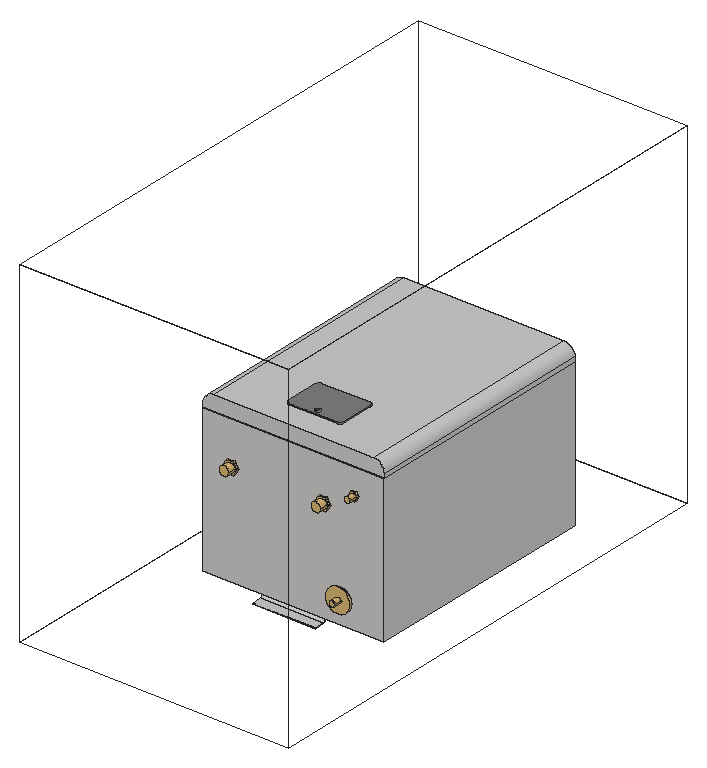
Revit family "Water_Boiler-Navien-NFB-C-Condensing-NFB-301C-02", category Mechanical Equipment, host Face, Revit 2017
Family settings
  Host = Face
  Round Connector Dimension = Use Diameter
  Part Type = Normal
  OmniClass Number = 23.65.35.11
  OmniClass Title = Supply Water Heaters
  Cut with Voids When Loaded = No
  Shared = No
  Room Calculation Point = No
Parameters (values of type "NFB-301C")
  Width = 25.1"  # constant formula
  Wi-Fi Ready = "NaviLink Wi‑Fi Control: This add-on accessory enables access to control temperatures remotely, access usage data and receive diagnostic notifications via smartphone or tablet."  # constant formula
  Weight = 243.00 lbf  # constant formula
  Water Pressure = "12-160 psi"  # constant formula
  Warranty Note = "This 10/15 year limited pro-rated warranty on heat exchangers, 3/5 year limited warranty on parts, and 1 year limited-labor warranty (“Warranty”) covers defects in materials or workmanship when the Navien NFB-C Boiler (“Product”) is installed by a properly licensed plumber or contractor, and installed in strict compliance with the Installation & Operations manual procedures, subject to the terms within this Warranty document. Improper installation or use will void this Warranty. This Warranty runs from date of installation and extends to the original purchaser and subsequent owners, but only while the Product remains at the site of the original installation. This Warranty includes both a limited and pro-rated warranty as set"  # constant formula
  Warranty = "https://www.navieninc.com/warranties"
  Voltage = 120 V
  Version = "2017 - v1.0.a"  # constant formula
  Venting Type = "Forced draft direct vent and non-direct vent (single pipe)"  # constant formula
  Venting = "Exhaust: 3\" or 4\" PVC, CPVC, PP and SS | 3\" or 4\" special gas vent type BH (Class III, A/B/C), Intake: 3\" or 4\" PVC, CPVC, PP and SS | 3\" or 4\" special gas vent type BH (Class III, A/B/C), Vent Clearance: 0\" to combustibles"  # constant formula
  URL = "https://www.navieninc.com"
  Propane Gas Supply Pressure = "8.0\" to 13.5\" WC"  # constant formula
  Propane Gas Manifold Pressure = "-0.01\" to -0.92\" WC"  # constant formula
  Product Page URL = "https://www.navieninc.com/products/nfb-301c"
  Product Name = "NFB-C Series Condensing Heating Boilers"  # constant formula
  Product Documentation Link = "https://www.navieninc.com/downloads/nfb-c-submittal-sheet-en"
  Power Factor = 1
  Phase = 1
  Optional Heating Supply = 1.25"  # constant formula
  Optional Heating Return = 1.25"  # constant formula
  Number of Poles = 1
  Natural Gas Supply Pressure = "3.5\" to 10.5\" WC"  # constant formula
  Natural Gas Manifold Pressure = "-0.06\" to -0.87\" WC"  # constant formula
  Model = "NFB-301C"  # constant formula
  Material = ""
  Manufacturer Phone Number = "(949) 420-0420"  # constant formula
  Manufacturer Fax Number = "(949) 420-0430"  # constant formula
  Manufacturer Address = "20 Goodyear, Irvine, CA 92618"  # constant formula
  Manufacturer = "Navien, Inc."  # constant formula
  Keynote = "22 33 00.A1"
  Intake = 3"  # constant formula
  Installation Type = "Indoor Wall-Hung"  # constant formula
  Ignition = "Electronic ignition"  # constant formula
  Height = 32.8"  # constant formula
  Heating Supply = 1.25"  # constant formula
  Heating Return = 1.25"  # constant formula
  Heating Capacity Note = "20000 to 301000 BTUh"  # constant formula
  Heating Capacity = 293000.0 Btu/h
  Gas Connection Size = 3/4"  # constant formula
  Frequency = 60 Hz
  Finish = Metal - Navien - Stainless Steel
  Exhaust = 3"  # constant formula
  Description = "High Efficiency Condensing Heating Boiler"  # constant formula
  Depth = 22.3"  # constant formula
  Default Elevation = 48.0"
  Condensate Outlet = 0.75"  # constant formula
  Certifications = "Energy Star | AHRI | CSA | ASME | CSA Blue Star | CSA Blue Flame"  # constant formula
  Copyright = "All contents copyright © Navien Inc."  # constant formula
  Clearance [instance] = yes
  Assembly Code = "D3010500"
  Apparent Load = 0 VA
Reference planes (in)
  plane 1 "Center (Front/Back)": y = 0
  plane 2: z = 0
  plane 3 "Center (Left/Right)": x = 0
  plane 4: x = -12.55
  plane 5: x = 12.55
  plane 6: x = -8.55
  plane 7: x = 6.35
  plane 8: x = 8.45
  plane 9: z = 0.50984
  plane 10: z = 3.60984
  plane 11: z = 17.20984
  plane 12: z = 14.80984
  plane 13: x = 4.15
  plane 14: z = 22.80984
  plane 15: z = 5.40984
  plane 16: x = 5.55
  plane 17: x = -5.05
Forms (in)
  Extrusion 1, solid, material "Metal - Navien - Stainless Steel" <- "Finish", detail levels medium+fine
    sketch origin (0, 11.47461, 0) x (1, 0, 0) y (0, 0, 1)
      loop
        line (-12.55, 20.80947) -> (12.55, 20.80947) -> (12.55, 21.32156)
        arc (12.55, 21.32156) -> (12.11409, 22.37394) -> (11.06172, 22.80984) r 1.48828
        line (11.06172, 22.80984) -> (-11.05, 22.80984)
        arc (-11.05, 22.80984) -> (-12.11066, 22.3705) -> (-12.55, 21.30984) r 1.5
        line (-12.55, 21.30984) -> (-12.55, 20.80947)
    from -21.39941 to 11.45886
  Extrusion 2, solid, material "Metal - Navien - Stainless Steel" <- "Finish", detail levels medium+fine
    sketch origin (1.63086, 11.47461, 0) x (0, 1, 0) y (0, 0, 1)
      loop
        line (-13.0691, 0.07874) -> (-13.0691, 0) -> (-11.6124, 0) -> (-11.07107, 0.43307) -> (-9.74233, 0.43307) -> (-9.74233, 0.50984) -> (-11.10115, 0.50984) -> (-11.64002, 0.07874) -> (-13.0691, 0.07874)
      loop
        line (17.37185, 0.33201) -> (17.37185, 0.25327) -> (17.76555, 0.25327) -> (18.25954, 0.43307) -> (19.4309, 0.43307) -> (19.4309, 0.50984) -> (18.24025, 0.50984) -> (17.75166, 0.33201) -> (17.37185, 0.33201)
    from -5.94492 to 2.6832
  Extrusion 3, solid, material "Metal - Navien - Stainless Steel" <- "Finish", detail levels medium+fine
    sketch origin (-1.73961, -168.52539, 9.44422) x (0, 0, 1) y (0, -1, 0)
      loop
        line (11.36524, -168.59281) -> (11.24759, -168.59281) -> (11.24759, -168.52539) -> (-8.93438, -168.52539) -> (-8.93438, -201.39941) -> (11.24759, -201.39941) -> (11.24759, -201.21043) -> (11.36524, -201.21043) -> (11.36524, -168.59281)
    from -10.81039 to 14.28961
  Extrusion 4, solid, material "Metal - Navien - Brass, Soft Yellow"
    sketch origin (1.63086, 11.47461, 0) x (1, 0, 0) y (0, 0, 1)
      loop
        circle (-10.18086, 14.80984) r 0.625
      loop
        circle (2.51914, 14.80984) r 0.63
      loop
        circle (6.81914, 17.20984) r 0.375
      loop
        circle (4.71914, 3.60984) r 0.375
    from 11.47461 to 12.70689
  Extrusion 5, solid, material "Clearances - Navien", visible <- "Clearance"
    sketch origin (1.63086, 30.79844, 4.3925) x (0, 1, 0) y (-1, 0, 0)
      loop
        line (14.07557, 20.18086) -> (-54.79844, 20.18086) -> (-54.79844, -16.91914) -> (14.07557, -16.91914) -> (14.07557, 20.18086)
    from -4.38266 to 42.41734
  Extrusion 6, solid, material "Metal - Navien - Stainless Steel" <- "Finish", detail levels coarse
    sketch origin (0, 30.79844, 4.3925) x (0, 1, 0) y (-1, 0, 0)
      loop
        line (2.07557, 12.55) -> (-30.79844, 12.55) -> (-30.79844, -12.55) -> (2.07557, -12.55) -> (2.07557, 12.55)
    from -3.88266 to 18.41734
  Extrusion 7, solid, material "Metal - Navien - Brass, Soft Yellow"
    sketch origin (-2.77844, 11.47461, -0.79319) x (-1, 0, 0) y (0, 0, -1)
      loop
        circle (4.99187, -15.59452) r 0.625
    from -22.87579 to -21.39941
  Extrusion 8, solid, material "Metal - Navien - Brass, Soft Yellow", detail levels medium+fine
    sketch origin (0.47156, 11.47461, -0.79319) x (1, 0, 0) y (0, 0, 1)
      loop
        arc (-8.87657, 14.28943) -> (-8.24187, 14.49624) -> (-7.60717, 14.28943) r 1.07739
        arc (-7.60717, 14.28943) -> (-7.23479, 14.54962) -> (-6.96111, 14.9122) r 1.45108
        line (-6.96111, 14.9122) -> (-6.96111, 16.27684)
        arc (-6.96111, 16.27684) -> (-7.23479, 16.63942) -> (-7.60717, 16.89961) r 1.45108
        arc (-7.60717, 16.89961) -> (-8.24187, 16.69281) -> (-8.87657, 16.89961) r 1.07739
        arc (-8.87657, 16.89961) -> (-9.24895, 16.63942) -> (-9.52263, 16.27684) r 1.45108
        line (-9.52263, 16.27684) -> (-9.52263, 14.9122)
        arc (-9.52263, 14.9122) -> (-9.24895, 14.54962) -> (-8.87657, 14.28943) r 1.45108
    from -21.39941 to -21.73405
  Extrusion 9, solid, material "Metal - Navien - Black", detail levels medium+fine
    sketch origin (1.5582, 34.7295, 11.01593) x (0, 1, 0) y (-1, 0, 0)
      loop
        arc (-25.69087, 4.83719) -> (-25.84947, 5.22008) -> (-26.23235, 5.37867) r 0.54148
        line (-26.23235, 5.37867) -> (-30.71728, 5.37867)
        arc (-30.71728, 5.37867) -> (-31.10122, 5.21964) -> (-31.26025, 4.83571) r 0.54297
        line (-31.26025, 4.83571) -> (-31.26025, -1.7193)
        arc (-31.26025, -1.7193) -> (-31.10122, -2.10324) -> (-30.71728, -2.26227) r 0.54297
        line (-30.71728, -2.26227) -> (-26.23384, -2.26227)
        arc (-26.23384, -2.26227) -> (-25.8499, -2.10324) -> (-25.69087, -1.7193) r 0.54297
        line (-25.69087, -1.7193) -> (-25.69087, 4.83719)
    from 11.79391 to 11.94942
  Revolve 10, solid, material "Metal - Navien - Black", detail levels medium+fine
    sketch origin (0, 0, -0.06417) x (0, 1, 0) y (0, 0, 1)
      loop
        line (4.21614, 23.02953) -> (4.5764, 23.02953) -> (4.50365, 23.06327)
        arc (4.50365, 23.06327) -> (4.36032, 23.0792) -> (4.21614, 23.08268) r 1.66732
        line (4.21614, 23.08268) -> (4.21614, 23.02953)
      axis (4.21614, 23.02953) -> (4.21614, 23.08268)
    angle from 0 to 360
  Extrusion 11, solid, material "Metal - Navien - Brass, Soft Yellow", detail levels medium+fine
    sketch origin (16.78119, 11.47461, 2.31992) x (1, 0, 0) y (0, 0, 1)
      loop
        arc (-8.87657, 8.06319) -> (-8.24187, 8.26999) -> (-7.60717, 8.06319) r 1.07739
        arc (-7.60717, 8.06319) -> (-7.23479, 8.32338) -> (-6.96111, 8.68595) r 1.45108
        line (-6.96111, 8.68595) -> (-6.96111, 10.0506)
        arc (-6.96111, 10.0506) -> (-7.23479, 10.41318) -> (-7.60717, 10.67336) r 1.45108
        arc (-7.60717, 10.67336) -> (-8.24187, 10.46656) -> (-8.87657, 10.67336) r 1.07739
        arc (-8.87657, 10.67336) -> (-9.24895, 10.41318) -> (-9.52263, 10.0506) r 1.45108
        line (-9.52263, 10.0506) -> (-9.52263, 8.68595)
        arc (-9.52263, 8.68595) -> (-9.24895, 8.32338) -> (-8.87657, 8.06319) r 1.45108
    from -21.39941 to -21.73405
  Extrusion 12, solid, material "Metal - Navien - Brass, Soft Yellow"
    sketch origin (13.53135, 11.47461, 2.32828) x (-1, 0, 0) y (0, 0, -1)
      loop
        circle (4.99187, -9.35991) r 0.625
    from -22.87579 to -21.39941
  Extrusion 13, solid, material "Metal - Navien - Brass, Soft Yellow", detail levels medium+fine
    sketch origin (0, 0, 0) x (1, 0, 0) y (0, 0, 1)
      loop
        line (-7.58108, 14.80984) -> (-8.06554, 15.64895) -> (-9.03446, 15.64895) -> (-9.51892, 14.80984) -> (-9.03446, 13.97073) -> (-8.06554, 13.97073) -> (-7.58108, 14.80984)
      loop
        line (5.11892, 14.80984) -> (4.63446, 15.64895) -> (3.66554, 15.64895) -> (3.18108, 14.80984) -> (3.66554, 13.97073) -> (4.63446, 13.97073) -> (5.11892, 14.80984)
      loop
        line (9.05629, 17.20984) -> (8.75315, 17.73491) -> (8.14685, 17.73491) -> (7.84371, 17.20984) -> (8.14685, 16.68478) -> (8.75315, 16.68478) -> (9.05629, 17.20984)
      loop
        circle (6.35, 3.60984) r 1.65797
    from 0 to 0.24898
Lines and regions (in)
  Split face 1
    outline origin (1.5582, 34.7295, 22.96536) x (0, 1, 0) y (-1, 0, 0)
      loop
        arc (-26.51152, 4.45598) -> (-26.54119, 4.52761) -> (-26.61282, 4.55728) r 0.1013
        line (-26.61282, 4.55728) -> (-29.72465, 4.55728)
        arc (-29.72465, 4.55728) -> (-29.79647, 4.52754) -> (-29.82622, 4.45572) r 0.10156
        line (-29.82622, 4.45572) -> (-29.82622, -1.33932)
        arc (-29.82622, -1.33932) -> (-29.79647, -1.41113) -> (-29.72465, -1.44088) r 0.10156
        line (-29.72465, -1.44088) -> (-26.61308, -1.44088)
        arc (-26.61308, -1.44088) -> (-26.54126, -1.41113) -> (-26.51152, -1.33932) r 0.10156
        line (-26.51152, -1.33932) -> (-26.51152, 4.45598)
  model lines, style "Clearance", visible <- "Clearance"
    curve 1: line (18.55, 44.87402, 46.80984) -> (18.55, -24, 46.80984)
    curve 2: line (18.55, -24, 46.80984) -> (-18.55, -24, 46.80984)
    curve 3: line (-18.55, -24, 46.80984) -> (-18.55, 44.87402, 46.80984)
    curve 4: line (-18.55, 44.87402, 46.80984) -> (18.55, 44.87402, 46.80984)
    curve 11: line (18.55, -24, 46.80984) -> (18.55, -24, -0.1)
    curve 12: line (-18.55, -24, 46.80984) -> (-18.55, -24, -0.1)
    curve 13: line (18.55, 44.87402, 46.80984) -> (18.55, 44.87402, -0.1)
    curve 14: line (-18.55, 44.87402, 46.80984) -> (-18.55, 44.87402, -0.1)
    curve 15: line (18.55, -24, 0.00984) -> (18.55, 44.87402, 0.00984)
    curve 16: line (-18.55, 44.87402, 0.00984) -> (-18.55, -24, 0.00984)
    curve 17: line (-18.55, -24, 0.00984) -> (18.55, -24, 0.00984)
    curve 18: line (18.55, 44.87402, 0.00984) -> (-18.55, 44.87402, 0.00984)
  model lines, style "MechanicalEquipment", detail levels medium+fine
    curve 5: arc (0.81191, 4.20102, 22.96536) -> (0.73991, 4.5353, 22.96536) -> (0.53666, 4.81028, 22.96536) r 0.81191
    curve 6: arc (-0.81191, 4.20102, 22.96536) -> (-0.73944, 3.86572, 22.96536) -> (-0.53497, 3.59028, 22.96536) r 0.81191
    curve 7: arc (-0.53666, 4.81028, 22.96536) -> (0, 4.84613, 22.96536) -> (0.53666, 4.81028, 22.96536) r 4.03482
    curve 8: arc (-0.53497, 3.59028, 22.96536) -> (0, 3.55465, 22.96536) -> (0.53497, 3.59028, 22.96536) r 4.03482
  model lines, detail levels medium+fine
    curve 9: arc (0.53497, 3.59028, 22.96536) -> (0.73944, 3.86572, 22.96536) -> (0.81191, 4.20102, 22.96536) r 0.81191
    curve 10: arc (-0.53666, 4.81028, 22.96536) -> (-0.73991, 4.5353, 22.96536) -> (-0.81191, 4.20102, 22.96536) r 0.81191
Dimensions and locks (in)
  Extrusion 5 to Extrusion 3 = 20.79962"
  plane 4 to plane 6 = 4.0"
  plane 4 to plane 7 = 18.9"
  plane 8 to plane 4 = 21.0"
  plane 4 to plane 5 = 25.1"
  plane 10 to plane 9 = 3.1"
  plane 11 to plane 9 = 16.7"
  plane 12 to plane 9 = 14.3"
  plane 13 to plane 6 = 12.7"
  plane 9 to plane 14 = 22.3"
  plane 9 to plane 15 = 4.9"
  plane 16 to plane 17 = 10.6"
  plane 17 to plane 4 = 7.5"
  aligned and locked: plane 2 to host face
  aligned and locked: level to host face
Nested families (in)
  nested 1: "Intake_Exhaust" at (5.55, 32.87402, 5.40984) x (0, 0, -1) z (0, 1, 0), type "Intake_Exhaust"
  nested 2: "Intake_Exhaust" at (-5.05, 32.87402, 5.40984) x (0, 0, -1) z (0, 1, 0), type "Intake_Exhaust"
Connectors (in)
  electrical at (0, 16.43701, 0.50984), driven by "Power Factor", driven by "Voltage", driven by "Apparent Load", driven by "Number of Poles"
    settings: on Extrusion 3, index 1, voltage 120 V, apparent load 0 VA, apparent load phase1 0 VA, apparent load phase2 0 VA, apparent load phase3 0 VA, power factor 1, load classification "Other", number of poles 1, system type 31, power factor state 1, is connector primary yes, connector utility no, sub classification motor no, connector description "Electrical Connector"
  hvac at (-5.05, 36.24325, 5.40984), driven by "Intake"
    settings: on nested 2, index 2, duct flow 0 CFM, flow factor 0, pres drop 0.00 in-wg, loss coef 0, conn angle 0.00°, conn width 12", conn height 12", conn diameter 3", duct sys type 4, conn prof type 0, flow config 0, flow direction 1, loss method 0, conn ref index -1, conn util no, is conn primary yes, conn desc "Air Intake Connection"
  hvac at (5.55, 36.24325, 5.40984), driven by "Exhaust"
    settings: on nested 1, index 3, duct flow 0 CFM, flow factor 0, pres drop 0.00 in-wg, loss coef 0, conn angle 0.00°, conn width 12", conn height 12", conn diameter 3", duct sys type 3, conn prof type 0, flow config 0, flow direction 2, loss method 0, conn ref index -1, conn util no, is conn primary no, conn desc "Exhaust Gas Vent Connection"
  piping at (-7.77031, 34.3504, 14.80133), diameter 1.25, driven by "Optional Heating Supply"
    settings: on Extrusion 7, index 4, connector inside diameter 24", connector length 0.0", flow factor 0, pipe flow 0 GPM, pressure drop 0.00 psi, fitting loss kfactor 0, connector angle 0.00°, fixture units 0, engagement length 0.0", angle of deflection 0.00°, flow configuration 0, flow direction 2, fitting loss method 0, system type 7, joint type 0, gender type 0, connector reference index -1, connector utility 0, adjustable connector no, is connector primary yes, connector description "Optional Heating Supply Connection"
  piping at (8.53949, 34.3504, 11.6882), diameter 1.25, driven by "Optional Heating Return"
    settings: on Extrusion 12, index 6, connector inside diameter 24", connector length 0.0", flow factor 0, pipe flow 0 GPM, pressure drop 0.00 psi, fitting loss kfactor 0, connector angle 0.00°, fixture units 0, engagement length 0.0", angle of deflection 0.00°, flow configuration 0, flow direction 1, fitting loss method 0, system type 8, joint type 0, gender type 0, connector reference index -1, connector utility 0, adjustable connector no, is connector primary no, connector description "Optional Heating Return Connection"
  piping at (4.15, -1.23228, 14.80984), diameter 1.25, driven by "Heating Return"
    settings: on Extrusion 4, index 7, connector inside diameter 24", connector length 0.0", flow factor 0, pipe flow 0 GPM, pressure drop 0.00 psi, fitting loss kfactor 0, connector angle 0.00°, fixture units 0, engagement length 0.0", angle of deflection 0.00°, flow configuration 0, flow direction 1, fitting loss method 0, system type 8, joint type 0, gender type 0, connector reference index -1, connector utility 0, adjustable connector no, is connector primary no, connector description "Heating Return Connection"
  piping at (-8.55, -1.23228, 14.80984), diameter 1.25, driven by "Heating Supply"
    settings: on Extrusion 4, index 8, connector inside diameter 24", connector length 0.0", flow factor 0, pipe flow 0 GPM, pressure drop 0.00 psi, fitting loss kfactor 0, connector angle 0.00°, fixture units 0, engagement length 0.0", angle of deflection 0.00°, flow configuration 0, flow direction 2, fitting loss method 0, system type 7, joint type 0, gender type 0, connector reference index -1, connector utility 0, adjustable connector no, is connector primary no, connector description "Heating Supply Connection"
  piping at (8.45, -1.23228, 17.20984), diameter 0.75, driven by "Gas Connection Size"
    settings: on Extrusion 4, index 9, connector inside diameter 24", connector length 0.0", flow factor 0, pipe flow 0 GPM, pressure drop 0.00 psi, fitting loss kfactor 0, connector angle 0.00°, fixture units 0, engagement length 0.0", angle of deflection 0.00°, flow configuration 0, flow direction 1, fitting loss method 0, system type 22, joint type 0, gender type 0, connector reference index -1, connector utility 0, adjustable connector no, is connector primary no, connector description "Natural Gas Connection"
  piping at (6.35, -1.23228, 3.60984), diameter 0.75, driven by "Condensate Outlet"
    settings: on Extrusion 4, index 10, connector inside diameter 24", connector length 0.0", flow factor 0, pipe flow 0 GPM, pressure drop 0.00 psi, fitting loss kfactor 0, connector angle 0.00°, fixture units 0, engagement length 0.0", angle of deflection 0.00°, flow configuration 0, flow direction 0, fitting loss method 0, system type 7, joint type 0, gender type 0, connector reference index -1, connector utility 0, adjustable connector no, is connector primary no, connector description "Condensate Outlet Connection"
Definition of nested family "Intake_Exhaust"
  Parameters (values of type "Intake_Exhaust")
    Finish = none
    Default Elevation = 48.0"
  Reference planes (in)
    plane 1 "Center (Front/Back)": y = 0
    plane 2: z = 0
    plane 3 "Center (Left/Right)": x = 0
  Forms (in)
    Extrusion 1, solid
      sketch origin (0, 0, 0) x (1, 0, 0) y (0, 1, 0)
        loop
          line (-48, 48) -> (-48, -48) -> (48, -48) -> (48, 48) -> (-48, 48)
      from 0 to -12
    Extrusion 2, solid, material <- "Finish", detail levels fine
      sketch origin (0, 0, 0) x (1, 0, 0) y (0, 1, 0)
        loop
          arc (1.61561, 2.29194) -> (0.84743, 2.67303) -> (0, 2.80414) r 2.80414
          arc (0, 2.80414) -> (-0.84743, 2.67303) -> (-1.61561, 2.29194) r 2.80414
          line (-1.61561, 2.29194) -> (-1.89877, 2.29194)
          arc (-1.89877, 2.29194) -> (-1.97219, 2.27734) -> (-2.03443, 2.23575) r 0.19185
          line (-2.03443, 2.23575) -> (-2.23588, 2.0343)
          arc (-2.23588, 2.0343) -> (-2.27737, 1.9722) -> (-2.29194, 1.89895) r 0.19141
          line (-2.29194, 1.89895) -> (-2.29194, 1.61561)
          arc (-2.29194, 1.61561) -> (-2.67303, 0.84743) -> (-2.80414, 0) r 2.80414
          arc (-2.80414, 0) -> (-2.67303, -0.84743) -> (-2.29194, -1.61561) r 2.80414
          line (-2.29194, -1.61561) -> (-2.29194, -1.89895)
          arc (-2.29194, -1.89895) -> (-2.27737, -1.9722) -> (-2.23588, -2.0343) r 0.19141
          line (-2.23588, -2.0343) -> (-2.03443, -2.23575)
          arc (-2.03443, -2.23575) -> (-1.97219, -2.27734) -> (-1.89877, -2.29194) r 0.19185
          line (-1.89877, -2.29194) -> (-1.61561, -2.29194)
          arc (-1.61561, -2.29194) -> (-0.84743, -2.67303) -> (0, -2.80414) r 2.80414
          arc (0, -2.80414) -> (0.84743, -2.67303) -> (1.61561, -2.29194) r 2.80414
          line (1.61561, -2.29194) -> (1.89877, -2.29194)
          arc (1.89877, -2.29194) -> (1.97219, -2.27734) -> (2.03443, -2.23575) r 0.19185
          line (2.03443, -2.23575) -> (2.23588, -2.0343)
          arc (2.23588, -2.0343) -> (2.27737, -1.9722) -> (2.29194, -1.89895) r 0.19141
          line (2.29194, -1.89895) -> (2.29194, -1.61561)
          arc (2.29194, -1.61561) -> (2.67303, -0.84743) -> (2.80414, 0) r 2.80414
          arc (2.80414, 0) -> (2.67303, 0.84743) -> (2.29194, 1.61561) r 2.80414
          line (2.29194, 1.61561) -> (2.29194, 1.89895)
          arc (2.29194, 1.89895) -> (2.27737, 1.9722) -> (2.23588, 2.0343) r 0.19141
          line (2.23588, 2.0343) -> (2.03443, 2.23575)
          arc (2.03443, 2.23575) -> (1.97219, 2.27734) -> (1.89877, 2.29194) r 0.19185
          line (1.89877, 2.29194) -> (1.61561, 2.29194)
      from 0 to 0.23531
    Extrusion 3, solid, material <- "Finish", detail levels fine
      sketch origin (0, 0, 0) x (1, 0, 0) y (0, 1, 0)
        loop
          circle (0, 0) r 2.00996
        loop
          circle (0, 0) r 1.5
      from 1.65263 to 3.36923
    Extrusion 4, solid, material <- "Finish", detail levels fine
      sketch origin (0, 0, 0) x (1, 0, 0) y (0, 1, 0)
        loop
          circle (0, 0) r 1.92953
        loop
          circle (0, 0) r 1.5
      from 0 to 1.65263
    Extrusion 5, solid, material <- "Finish", detail levels coarse+medium
      sketch origin (0, 0, 0) x (1, 0, 0) y (0, 1, 0)
        loop
          line (-2.29194, 2.29194) -> (-2.29194, -2.29194) -> (2.29194, -2.29194) -> (2.29194, 2.29194) -> (-2.29194, 2.29194)
      from 0 to 0.23531
    Extrusion 6, solid, material <- "Finish", detail levels coarse+medium
      sketch origin (0, 0, 0) x (1, 0, 0) y (0, 1, 0)
        loop
          circle (0, 0) r 2.80414
      from 0 to 0.23531
    Extrusion 7, solid, material <- "Finish", detail levels coarse+medium
      sketch origin (0, 0, 0) x (1, 0, 0) y (0, 1, 0)
        loop
          circle (0, 0) r 2.00996
      from 0.23531 to 3.36923
    Extrusion 8, solid, material <- "Finish", detail levels fine
      sketch origin (0, -0.00896, 0) x (1, 0, 0) y (0, 0, 1)
        loop
          line (-1.86598, 2.39234) -> (-2.1469, 2.39234) -> (-2.57863, 0.86224) -> (-2.57863, 0.23531) -> (-1.86598, 0.23531) -> (-1.86598, 2.39234)
      from -0.0824 to 0.06448
    Extrusion 9, solid, material <- "Finish", detail levels fine
      sketch origin (0, -0.00896, 0) x (-1, 0, 0) y (0, 0, -1)
        loop
          line (-1.86598, -2.39234) -> (-1.86598, -0.23531) -> (-2.57863, -0.23531) -> (-2.57863, -0.86224) -> (-2.1469, -2.39234) -> (-1.86598, -2.39234)
      from -0.0824 to 0.06448
    Extrusion 10, solid, material <- "Finish", detail levels fine
      sketch origin (-0.00896, 0, 0) x (0, -1, 0) y (0, 0, 1)
        loop
          line (-1.86598, 2.39234) -> (-2.1469, 2.39234) -> (-2.57863, 0.86224) -> (-2.57863, 0.23531) -> (-1.86598, 0.23531) -> (-1.86598, 2.39234)
      from -0.0824 to 0.06448
    Extrusion 11, solid, material <- "Finish", detail levels fine
      sketch origin (-0.00896, 0, 0) x (0, 1, 0) y (0, 0, -1)
        loop
          line (-1.86598, -2.39234) -> (-1.86598, -0.23531) -> (-2.57863, -0.23531) -> (-2.57863, -0.86224) -> (-2.1469, -2.39234) -> (-1.86598, -2.39234)
      from -0.0824 to 0.06448
  Cuts and joins
    joined: Extrusion 5, Extrusion 6
  Dimensions and locks (in)
    aligned and locked: plane 2 to Extrusion 1
    aligned and locked: level to Extrusion 1
